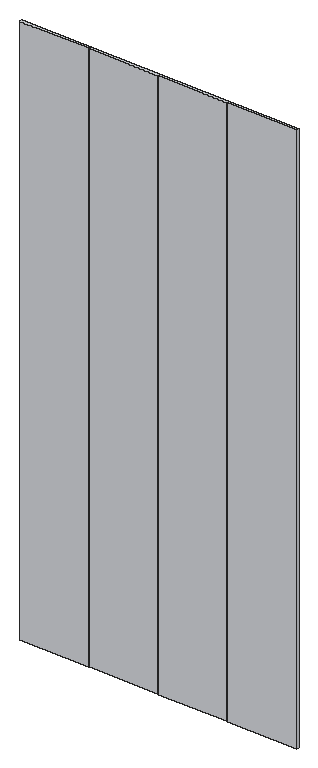
Revit family "easygroove300", category Generic Models, Revit 2015
Parameters (values of type "Length=2400")
  vis.Rebateddado [instance] = and(Show Dado, Select EasyDado_Rebated)  # no
  vis.Flatdado [instance] = and(Show Dado, Select EasyDado_Flat)  # no
  easygroove_Material = none
  URL = "http://www.easycraft.com.au/products/1/easygroove"
  Show Dado [instance] = no
  Select EasyDado_Rebated [instance] = not(Select EasyDado_Flat)  # yes
  Select EasyDado_Flat [instance] = no
  Model = "easygroove"  # constant formula
  Manufacturer = "Easycraft Australia Pty Ltd ph 07 3906 7200"  # constant formula
  Length_panel = 2400 mm
  Description = "VGROOVE300"  # constant formula
  Assembly Code = "G09MR24-300"
Types (3, lengths in mm): name | Length_panel | Assembly Code
  Length=2400 | 2400 | "G09MR24-300"
  Length=3000 | 3000 | "G09MR30-300"
  Length=3600 | 3600 | "G09MR36-300"
Reference planes
  plane 1 "Center (Front/Back)": y = 0
  plane 2: z = 0
  plane 3 "Center (Left/Right)": x = 0
  plane 4 "Panel_top": z = 2400
Forms (mm)
  Sweep 1, solid, material <- "easygroove_Material"
    path origin (0, 0, 0) x (-1, 0, 0) y (0, 0, 1)
      loop
        line (0, 0) -> (0, 2400)
    profile "_easygroove_300 : _easygroove_300" origin (0, 0, 1200) x (1, 0, 0) y (0, 1, 0)
      loop
        line (0, 0) -> (0, -7) -> (2, -9) -> (298, -9) -> (300, -7) -> (302, -9) -> (598, -9) -> (600, -7) -> (602, -9) -> (898, -9) -> (900, -7) -> (902, -9) -> (1198, -9) -> (1200, -7) -> (1200, 0) -> (0, 0)
Dimensions and locks
  "Length_panel": plane 4 "Panel_top" to plane 2
  aligned and locked: level to plane 2
  aligned and locked: nested 1 to plane 4 "Panel_top"
  aligned and locked: nested 1 to Sweep 1
  aligned and locked: nested 2 to plane 4 "Panel_top"
  aligned and locked: plane 1 "Center (Front/Back)" to nested 2
Automatic sketch dimensions
  Sweep 1 sketch curve to plane 3 "Center (Left/Right)" = 0 mm
  Sweep 1 sketch curve to level = 0 mm
  Sweep 1 sketch curve to plane 4 "Panel_top" = 0 mm
Nested families
  nested 1: "easydado_flat" at (0, -9, 2400), visible <- "vis.Flatdado", type "Length=1200"
  nested 2: "easydado_rebated" at (0, 0, 2400), visible <- "vis.Rebateddado", type "Length=1200"
Definition of nested family "easydado_flat"
  Parameters (values of type "Length=1200")
    easydado_flat_Material = none
    URL = "http://www.easycraft.com.au/products/9/easydado"
    Model = "easydado"  # constant formula
    Manufacturer = "Easycraft Australia Pty Ltd ph 07 3906 7200"  # constant formula
    Length_dado = 1200 mm
    Description = "FLAT"  # constant formula
    Assembly Code = "DR58X28F"
  Reference planes
    plane 1 "Center (Front/Back)": y = 0
    plane 2: z = 0
    plane 3 "Center (Left/Right)": x = 0
    plane 4: x = 1200
  Forms (mm)
    Sweep 1, solid, material <- "easydado_flat_Material"
      path origin (0, 0, 0) x (1, 0, 0) y (0, 1, 0)
        loop
          line (1200, 0) -> (0, 0)
      profile "_dadoflat : Type 1" origin (600, 0, 0) x (0, -1, 0) y (0, 0, 1)
        loop
          arc (11, -21.649) -> (15.972, -19.589) -> (18.032, -14.616) r 7.032
          line (18.032, -14.616) -> (20.5, -14.616) -> (20.5, -9.616)
          arc (20.5, -9.616) -> (28, 0.905) -> (20.5, 11.426) r 11.13
          line (20.5, 11.426) -> (20.5, 14.059)
          arc (20.5, 14.059) -> (13.782, 16.841) -> (11, 23.559) r 9.5
          line (11, 23.559) -> (0, 23.559) -> (0, -29.941)
          arc (0, -29.941) -> (4.5, -34.441) -> (9, -29.941) r 4.5
          line (9, -29.941) -> (9, -27.86) -> (11, -27.86) -> (11, -21.649)
  Dimensions and locks
    "Length_dado": plane 3 "Center (Left/Right)" to plane 4
    aligned and locked: level to plane 2
  Automatic sketch dimensions
    plane 1 "Center (Front/Back)" to Sweep 1 sketch curve = 0 mm
    Sweep 1 sketch curve to plane 3 "Center (Left/Right)" = 0 mm
    Sweep 1 sketch curve to plane 4 = 0 mm
Definition of nested family "easydado_rebated"
  Parameters (values of type "Length=1200")
    easydado_rebated_Material = none
    URL = "http://www.easycraft.com.au/products/9/easydado"
    Model = "easydado"  # constant formula
    Manufacturer = "Easycraft Australia Pty Ltd ph 07 3906 7200"  # constant formula
    Length_dado = 1200 mm
    Description = "REBATED"  # constant formula
    Assembly Code = "DR48X28R"
  Types (2, lengths in mm): name | Length_dado
    Length=600 | 600
    Length=1200 | 1200
  Reference planes
    plane 1 "Center (Front/Back)": y = 0
    plane 2: z = 0
    plane 3 "Center (Left/Right)": x = 0
    plane 4: x = 1200
  Forms (mm)
    Sweep 1, solid, material <- "easydado_rebated_Material"
      path origin (0, 0, 0) x (1, 0, 0) y (0, 1, 0)
        loop
          line (1200, 0) -> (0, 0)
      profile "_profile_easydadorebated : _profile_easydadorebated" origin (600, 0, 0) x (0, -1, 0) y (0, 0, 1)
        loop
          arc (20.5, 25.5) -> (13.782, 28.282) -> (11, 35) r 9.5
          line (11, 35) -> (0, 35) -> (0, 0) -> (9, 0) -> (9, -13)
          arc (9, -13) -> (15.364, -10.364) -> (18, -4) r 9
          line (18, -4) -> (20.5, -4) -> (20.5, 1.825)
          arc (20.5, 1.825) -> (28, 12.346) -> (20.5, 22.867) r 11.13
          line (20.5, 22.867) -> (20.5, 25.5)
  Dimensions and locks
    "Length_dado": plane 3 "Center (Left/Right)" to plane 4
    aligned and locked: level to plane 2
  Automatic sketch dimensions
    plane 1 "Center (Front/Back)" to Sweep 1 sketch curve = 0 mm
    Sweep 1 sketch curve to plane 3 "Center (Left/Right)" = 0 mm
    Sweep 1 sketch curve to plane 4 = 0 mm
